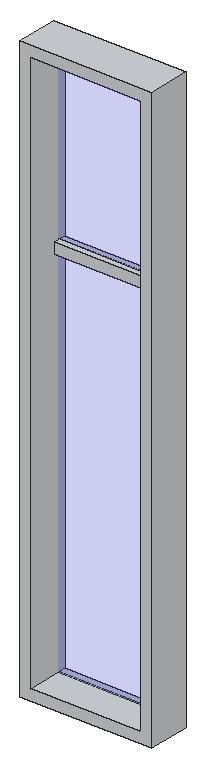
Revit family "0.47x2.10_WCWindow", category Windows, host Wall, Revit 2021
Family settings
  Host = Wall
  Always vertical = Yes
  Cut with Voids When Loaded = No
  Shared = No
  Room Calculation Point = No
Parameters (values of type "0.47 x 2.70")
  Window Width [instance] = 0.47 m
  Window Height [instance] = 2.10 m
  Wall Closure = By host
  Bottom Pane Height = 1.3881 m
  Height = 2.10 m
  Default Sill Height = 0.6096 m
  Width = 0.47 m
  Window Inset = 0.00635 m
Reference planes (m)
  plane 1: y = 0
  plane 2: z = 0
  plane 3 "Center": x = -0.4572
  plane 4 "Left": x = -0.6922
  plane 5 "Right": x = -0.2222
  plane 6 "Sill": z = 0.6096
  plane 7 "Top": z = 2.7096
  plane 8: z = 1.9977
  plane 9: y = 0.0762
  plane 10: y = -0.0762
  plane 11: y = 0.06985
  plane 12: y = 0.0254
  plane 13: y = 0.0508
  plane 14: y = 0.04445
Forms (m)
  Extrusion 1, solid
    sketch origin (0, 0.0889, 0) x (0, 0, -1) y (1, 0, 0)
      loop
        line (-2.7096, -0.2222) -> (-2.7096, -0.6922) -> (-0.6096, -0.6922) -> (-0.6096, -0.2222) -> (-2.7096, -0.2222)
      loop
        line (-2.6715, -0.2603) -> (-2.6715, -0.6541) -> (-0.6477, -0.6541) -> (-0.6477, -0.2603) -> (-2.6715, -0.2603)
    from 0.0127 to 0.1651
  Extrusion 2, solid
    sketch origin (0.2413, 0.08255, 0.0127) x (0, 0, 1) y (1, 0, 0)
      loop
        line (2.0231, -0.5016) -> (1.985, -0.5016) -> (1.985, -0.8954) -> (2.0231, -0.8954) -> (2.0231, -0.5016)
    from -0.05715 to -0.0127
  Extrusion 3, solid
    sketch origin (0, 0.0762, 0) x (0, 0, 1) y (1, 0, 0)
      loop
        line (0.6477, -0.2603) -> (0.6477, -0.6541) -> (1.9977, -0.6541) -> (1.9977, -0.2603) -> (0.6477, -0.2603)
      loop
        line (2.0358, -0.2603) -> (2.0358, -0.6541) -> (2.6715, -0.6541) -> (2.6715, -0.2603) -> (2.0358, -0.2603)
    from -0.031727 to -0.0254
Lines and regions (m)
  Opening 1
    outline origin (-1.524, -0.0762, 0) x (1, 0, 0) y (0, 0, 1)
      loop
        line (1.3018, 2.7096) -> (0.8318, 2.7096) -> (0.8318, 0.6096) -> (1.3018, 0.6096) -> (1.3018, 2.7096)
  symbolic lines, style "WindowsFrameMullionProjection"
    curve 1: line (-0.6922, 0.0762, 0) -> (-0.6541, 0.0762, 0)
    curve 2: line (-0.6541, 0.0762, 0) -> (-0.6541, -0.0762, 0)
    curve 3: line (-0.6541, -0.0762, 0) -> (-0.6922, -0.0762, 0)
    curve 4: line (-0.2222, 0.0762, 0) -> (-0.2603, 0.0762, 0)
    curve 5: line (-0.2603, 0.0762, 0) -> (-0.2603, -0.0762, 0)
    curve 6: line (-0.2603, -0.0762, 0) -> (-0.2222, -0.0762, 0)
  symbolic lines, style "WindowsGlassProjection"
    curve 7: line (-0.2603, 0.047625, 0) -> (-0.6541, 0.047625, 0)
Text (m)
  text "EXTERIOR" at (-1.490695, 0.998726, 0), in view "Ref. Level"
  text "INTERIOR" at (-1.490695, -0.813818, 0), in view "Ref. Level"
  text "Exterior" at (0, 1.10887, 3.129179), in view "Left"
  text "Exterior" at (0, 0.464664, 3.176206), in view "Right"
Dimensions and locks (m)
  equal spacing: plane 4 "Left", plane 3 "Center", plane 5 "Right"
  "Window Width": plane 4 "Left" to plane 5 "Right"
  "Window Height": plane 6 "Sill" to plane 7 "Top"
  locked: plane 9 to host wall
  locked: plane 10 to host wall
  "Bottom Pane Height": plane 6 "Sill" to plane 8
  "Window Inset": plane 11 to plane 9
  locked: plane 12 to plane 11 at 0.04445
  locked: plane 13 to plane 11 at 0.01905
  locked: plane 12 to plane 14 at 0.01905
  "Default Sill Height": plane 2 to plane 6 "Sill"
  locked: plane 2 to host wall
  aligned and locked: host wall to Extrusion 1  (x2)
  aligned and locked: plane 12 to Extrusion 2
  aligned and locked: Extrusion 2 to plane 11
  aligned and locked: Extrusion 3 to plane 13
Automatic sketch dimensions
  Extrusion 1 sketch curve to plane 4 "Left" = 0.00 m
  Extrusion 1 sketch curve to plane 7 "Top" = 0.00 m
  Extrusion 1 sketch curve to plane 6 "Sill" = 0.00 m
  Extrusion 1 sketch curve to plane 5 "Right" = 0.00 m
  Extrusion 1 sketch curve to Extrusion 1 sketch curve = 0.0381 m  (x2)
  Extrusion 1 sketch curve to plane 4 "Left" = 0.0381 m
  plane 5 "Right" to Extrusion 1 sketch curve = 0.0381 m
  curve 3 to host wall = 0.00 m
  curve 3 to plane 4 "Left" = 0.00 m
  curve 1 to host wall = 0.00 m
  curve 1 to plane 4 "Left" = 0.00 m
  curve 6 to host wall = 0.00 m
  curve 4 to host wall = 0.00 m
  curve 4 to plane 5 "Right" = 0.00 m
  curve 6 to plane 5 "Right" = 0.00 m
  curve 3 to curve 2 = 0.0381 m
  curve 6 to curve 6 = 0.0381 m
  plane 13 to curve 7 = 0.003175 m
  Opening 1 sketch curve to plane 4 "Left" = 0.00 m
  Opening 1 sketch curve to plane 5 "Right" = 0.00 m
  Opening 1 sketch curve to plane 6 "Sill" = 0.00 m
  Opening 1 sketch curve to plane 7 "Top" = 0.00 m
  plane 8 to Extrusion 2 sketch curve = 0.00 m
  Extrusion 2 sketch curve to Extrusion 2 sketch curve = 0.0381 m
  Extrusion 2 sketch curve to plane 4 "Left" = 0.0381 m
  plane 5 "Right" to Extrusion 2 sketch curve = 0.0381 m
  Extrusion 3 sketch curve to plane 8 = 0.00 m
  plane 5 "Right" to Extrusion 3 sketch curve = 0.0381 m  (x2)
  Extrusion 3 sketch curve to plane 6 "Sill" = 0.0381 m
  Extrusion 3 sketch curve to Extrusion 3 sketch curve = 0.0381 m
  plane 7 "Top" to Extrusion 3 sketch curve = 0.0381 m
  Extrusion 3 sketch curve to plane 4 "Left" = 0.0381 m  (x2)
